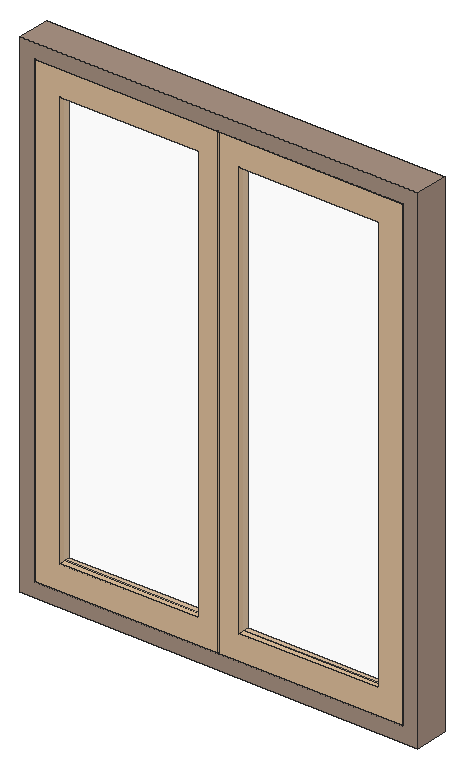
Revit family
Parameters (values of type "1200x1500 mm")
  Top Rail = 60 mm
  Stile = 60 mm
  Material of Shutter = Shutter Material
  Material of Panel = Glass (2)
  Height = 1500 mm
  Frame Width = 60 mm
  Frame Depth = 100 mm
  Material of Frame = Frame Material
  Default Sill Height = 800 mm
  Wall Closure = (empty or 0)
  Width = 1200 mm
  Bottom Rail = 60 mm
Types (4, lengths in mm): name | Width
  (no name) | 1200
  1500x1500 mm | 1500
  1200x1500 mm | 1200
  1800x1500 mm | 1800
Reference planes
  plane 1: y = 0
  plane 2 "Center (Left/Right)": x = 0
  plane 3 "Left": x = -600
  plane 4 "Right": x = 600
  plane 5 "Sill": z = 800
  plane 6 "Head": z = 2300
  plane 7 "Exterior": y = 80
  plane 8 "Interior": y = -70
  plane 9: x = -540
  plane 10: x = 540
  plane 11: y = 50
  plane 12: y = -50
  plane 13: z = 2240
  plane 14: z = 860
  plane 15: x = -480
  plane 16: x = 480
  plane 17: z = 2180
  plane 18: z = 920
  plane 19: x = -60
  plane 20: x = 60
  plane 21: z = 1550
Forms (mm)
  Sweep 1, solid, material "Frame Material" <- "Material of Frame"
    path origin (0, 0, 0) x (1, 0, 0) y (0, 0, 1)
      loop
        line (-600, 800) -> (600, 800) -> (600, 2300) -> (-600, 2300) -> (-600, 800)
    profile origin (0, 0, 1550) x (-1, 0, 0) y (0, -1, 0)
      loop
        line (600, 50) -> (555, 50) -> (555, 15) -> (540, 15) -> (540, -50) -> (600, -50) -> (600, 50)
  Extrusion 2, solid, material "Shutter Material" <- "Material of Shutter"
    sketch origin (0, -50, 0) x (1, 0, 0) y (0, 0, 1)
      loop
        line (2.5, 845) -> (555, 845) -> (555, 2255) -> (2.5, 2255) -> (2.5, 845)
      loop
        line (-2.5, 845) -> (-2.5, 2255) -> (-555, 2255) -> (-555, 845) -> (-2.5, 845)
      loop
        line (-480, 2180) -> (-480, 920) -> (-60, 920) -> (-60, 2180) -> (-480, 2180)
      loop
        line (60, 2180) -> (60, 920) -> (480, 920) -> (480, 2180) -> (60, 2180)
    from 0 to -35
  Extrusion 3, solid, material "Glass (2)" <- "Material of Panel"
    sketch origin (0, 0, 920) x (0, -1, 0) y (-1, 0, 0)
      loop
        line (30.5, 60) -> (34.5, 60) -> (34.5, 480) -> (30.5, 480) -> (30.5, 60)
      loop
        line (30.5, -60) -> (30.5, -480) -> (34.5, -480) -> (34.5, -60) -> (30.5, -60)
    from 0 to -1260
Lines and regions (mm)
  Opening 1
    outline origin (3500, -70, 0) x (1, 0, 0) y (0, 0, 1)
      loop
        line (-2900, 800) -> (-2900, 2300) -> (-4100, 2300) -> (-4100, 800) -> (-2900, 800)
  symbolic lines, style "Elevation Swing"
    curve 1: line (-2.5, 0, 2255) -> (-555, 0, 1550)
    curve 2: line (-2.5, 0, 845) -> (-555, 0, 1550)
    curve 3: line (2.5, 0, 845) -> (555, 0, 1550)
    curve 4: line (2.5, 0, 2255) -> (555, 0, 1550)
  symbolic lines, style "WindowsFrameMullionProjection", detail levels medium+fine
    curve 5: line (-600, 50, 0) -> (-540, 50, 0)
    curve 6: line (-540, 50, 0) -> (-540, -15, 0)
    curve 7: line (-555, -15, 0) -> (-540, -15, 0)
    curve 8: line (-555, -15, 0) -> (-555, -50, 0)
    curve 9: line (-600, -50, 0) -> (-555, -50, 0)
    curve 10: line (600, 50, 0) -> (540, 50, 0)
    curve 11: line (540, 50, 0) -> (540, -20, 0)
    curve 12: line (540, -15, 0) -> (555, -15, 0)
    curve 13: line (555, -15, 0) -> (555, -50, 0)
    curve 14: line (555, -50, 0) -> (600, -50, 0)
    curve 15: line (600, -50, 0) -> (600, 50, 0)
    curve 19: line (-600, 50, 0) -> (-600, -50, 0)
  symbolic lines, style "Plan Swing"
    curve 16: line (-555, -15, 0) -> (555, -15, 0)
    curve 17: line (-555, -50, 0) -> (555, -50, 0)
    curve 18: line (0, -50, 0) -> (0, -15, 0)
  symbolic lines, style "WindowsFrameMullionProjection", detail levels coarse
    curve 20: line (-555, -50, 0) -> (-600, -50, 0)
    curve 21: line (-555, 50, 0) -> (-555, -50, 0)
    curve 22: line (-600, 50, 0) -> (-555, 50, 0)
    curve 23: line (-600, -50, 0) -> (-600, 50, 0)
    curve 24: line (555, -50, 0) -> (600, -50, 0)
    curve 25: line (555, 50, 0) -> (555, -50, 0)
    curve 26: line (600, 50, 0) -> (555, 50, 0)
    curve 27: line (600, -50, 0) -> (600, 50, 0)
Text (mm)
  text "EXTERIOR" at (-1963.203, 1332.353, 0), in view "Ref. Level"
  text "INTERIOR" at (-1981.466, -818.386, 0), in view "Ref. Level"
  text "Exterior" at (0, 923.751, 2943.296), in view "Right"
  text "Exterior" at (0, 1040.484, 2685.409), in view "Left"
Dimensions and locks
  equal spacing: plane 3 "Left", plane 2 "Center (Left/Right)", plane 4 "Right"
  "Width": plane 3 "Left" to plane 4 "Right"
  "Height": plane 5 "Sill" to plane 6 "Head"
  "Default Sill Height": plane 5 "Sill" to level
  locked: plane 7 "Exterior" to host wall at 0
  locked: plane 8 "Interior" to host wall
  locked: Sweep 1 sketch curve to Sweep 1 sketch curve at 15
  locked: Sweep 1 sketch curve to Sweep 1 sketch curve at 35
  "Frame Width": plane 3 "Left" to plane 9
  "Frame Width": plane 10 to plane 4 "Right"
  equal spacing: plane 12, plane 1, plane 11
  "Frame Depth": plane 12 to plane 11
  "Frame Width": plane 6 "Head" to plane 13
  "Frame Width": plane 14 to plane 5 "Sill"
  "Stile": plane 15 to plane 9
  "Stile": plane 10 to plane 16
  "Stile": plane 2 "Center (Left/Right)" to plane 19
  "Stile": plane 20 to plane 2 "Center (Left/Right)"
  "Top Rail": plane 13 to plane 17
  "Bottom Rail": plane 18 to plane 14
  equal spacing: plane 6 "Head", plane 21, plane 5 "Sill"
  aligned and locked: host wall to Sweep 1 sketch curve
  aligned and locked: Sweep 1 sketch curve to host wall  (x3)
  aligned and locked: plane 12 to Sweep 1 sketch curve
  aligned and locked: Sweep 1 sketch curve to plane 3 "Left"
  aligned and locked: plane 11 to Sweep 1 sketch curve
  aligned and locked: plane 9 to Sweep 1 sketch curve
  aligned and locked: plane 15 to Extrusion 2 sketch curve
  aligned and locked: plane 17 to Extrusion 2 sketch curve  (x2)
  aligned and locked: plane 18 to Extrusion 2 sketch curve  (x2)
  aligned and locked: Extrusion 2 sketch curve to plane 19
  aligned and locked: plane 20 to Extrusion 2 sketch curve
  aligned and locked: Extrusion 2 sketch curve to plane 16
  aligned and locked: Extrusion 2 to Extrusion 3 sketch curve
  aligned and locked: Extrusion 3 to Extrusion 2  (x2)
  aligned and locked: Extrusion 2 to curve 1
  aligned and locked: curve 1 to Sweep 1
  aligned and locked: curve 2 to Extrusion 2
  aligned and locked: Extrusion 2 to curve 3
  aligned and locked: Sweep 1 to curve 3
  aligned and locked: curve 4 to Extrusion 2
  aligned and locked: curve 5 to Sweep 1  (x2)
  aligned and locked: curve 6 to Sweep 1
  aligned and locked: curve 7 to Sweep 1
  aligned and locked: Sweep 1 to curve 9
  aligned and locked: Sweep 1 to curve 10
  aligned and locked: curve 11 to Sweep 1
  aligned and locked: curve 11 to curve 12
  aligned and locked: Sweep 1 to curve 12
  aligned and locked: Sweep 1 to curve 13
  aligned and locked: curve 7 to curve 16
  aligned and locked: plane 12 to curve 17
  aligned and locked: plane 2 "Center (Left/Right)" to curve 18
  aligned and locked: curve 19 to curve 5
  aligned and locked: curve 19 to curve 9
  aligned and locked: plane 3 "Left" to curve 19
  aligned and locked: curve 27 to Sweep 1  (x2)
Automatic sketch dimensions
  Opening 1 sketch curve to plane 3 "Left" = 0 mm
  Opening 1 sketch curve to plane 4 "Right" = 0 mm
  Opening 1 sketch curve to plane 5 "Sill" = 0 mm
  Opening 1 sketch curve to plane 6 "Head" = 0 mm
  Extrusion 2 sketch curve to plane 9 = 15 mm
  Extrusion 2 sketch curve to plane 2 "Center (Left/Right)" = 2.5 mm
  plane 2 "Center (Left/Right)" to Extrusion 2 sketch curve = 2.5 mm
  plane 10 to Extrusion 2 sketch curve = 15 mm
  plane 14 to Extrusion 2 sketch curve = 15 mm  (x2)
  Extrusion 2 sketch curve to plane 13 = 15 mm
  Extrusion 2 sketch curve to Extrusion 2 sketch curve = 0 mm
  Extrusion 3 sketch curve to plane 20 = 0 mm
  Extrusion 3 sketch curve to plane 16 = 0 mm
  Extrusion 3 sketch curve to plane 19 = 0 mm
  Extrusion 3 sketch curve to plane 12 = 19.5 mm  (x2)
  Extrusion 3 sketch curve to Extrusion 3 sketch curve = 4 mm  (x2)
  curve 2 to plane 21 = 0 mm
  curve 4 to plane 21 = 0 mm
  curve 1 to plane 13 = 15 mm
  curve 4 to curve 1 = 0 mm
  plane 14 to curve 3 = 15 mm
  curve 2 to curve 3 = 0 mm
  plane 10 to curve 14 = 15 mm
  curve 11 to curve 12 = 5 mm
  plane 1 to curve 16 = 15 mm
